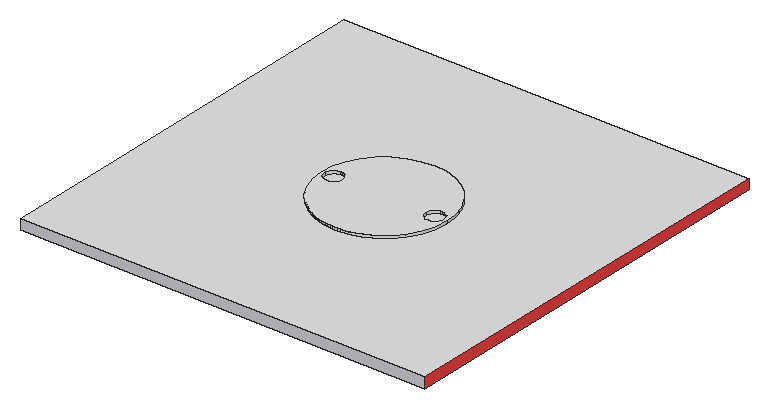
Revit family "PRESTO XT-UE PS", category Aparatos sanitarios, Revit 2015
Parameters (values of type "26636")
  URL = "http://www.prestoiberica.com/urinario/temporizada-xt/presto-xt-ue-ps?c=es"
  Teléfono = "(+34) 915 782 575"
  TIPO DE AGUA = "Fria"
  REFERENCIA = "26636"
  Presión Máxima = "5 bar"
  PESO BRUTO = "0.481  Kg"
  Keynote = ""
  Modelo = "PRESTO XT UE PS"
  Material = LATON CROMADO
  Imagen de tipo = <Ninguno>
  Fabricante = "PRESTO IBÉRICA"
  Default Elevation = 1219.2 mm
  ENTRADA = "Macho y Hembra 1/2\""
  Descripción = "Grifo temporizado ecológico de un agua para instalación empotrada con cuerpo de latón cromado."
  Código de montaje = "C1030220"
  Contacto = "info@prestoiberica.com"
  Conexión AF = yes
  Conexión AC = yes
  Comentarios de tipo = "◦Cabeza intercambiable que comprende todo el mecanismo del grifo\r\n◦Cuerpo y pulsador en latón cromado, piezas interiores en materiales resistentes a la corrosión y a las incrustaciones calcáreas\r\n◦Tornillos en acero inoxidable."
  CIERRE = "Automático en 6 seg."
  CAUDAL = "9 L/Min"
  Accionamiento = "Por pulsador"
Reference planes
  plane 1 "Centro (Frontal/Posterior)": y = 0
  plane 2: z = 0
  plane 3 "Centro (Izquierda/Derecha)": x = 0
  plane 4 "1": z = 28.7
Forms (mm)
  Extrusion 1, solid
    sketch origin (0, 0, 0) x (1, 0, 0) y (0, 1, 0)
      loop
        line (-100, 100) -> (-100, -100) -> (100, -100) -> (100, 100) -> (-100, 100)
    from 0 to -5
  Extrusion 2, solid, material "LATON CROMADO"
    sketch origin (0, 0, 0) x (1, 0, 0) y (0, 1, 0)
      loop
        circle (0, 0) r 31
      loop
        circle (-25.025, 0) r 4.457
      loop
        circle (25.025, 0) r 4.457
    from -6.956 to 1
Dimensions and locks
  Extrusion 1 sketch curve to plane 1 "Centro (Frontal/Posterior)" = 100 mm
  aligned and locked: plane 2 to Extrusion 1
  aligned and locked: level to Extrusion 1
